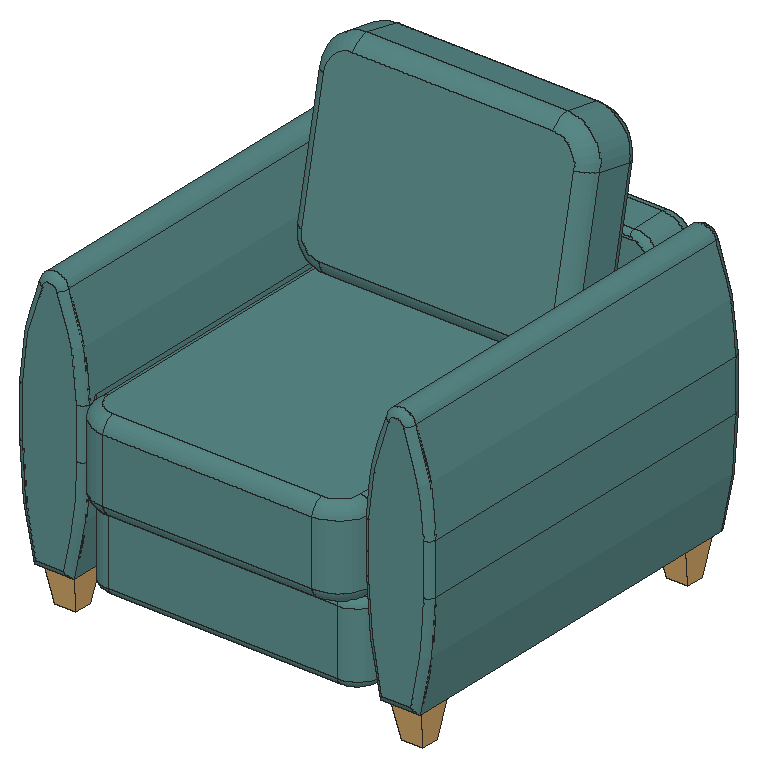
Revit family
Parameters (values of type "850x840x850mm")
  Manufacturer = ""
  Model = ""
  지지 재료 = 직물 - 녹색(44)
  다리 재료 = 목재 - 티크, 길이
  손잡이 재료 = 직물 - 녹색(44)
  쿠션 재료 = 직물 - 녹색(44)
Reference planes
  plane 1 "중심(앞/뒤)": y = 0
  plane 2: z = 0
  plane 3 "중심(왼쪽/오른쪽)": x = 0
  plane 4: y = 420
  plane 5: y = -420
  plane 6: x = -425
  plane 7: x = 425
  plane 8: z = 850
  plane 9: z = 430
  plane 10: z = 80
  plane 11: z = 245
  plane 12: x = -285
  plane 13: x = 285
  plane 14: y = 310
  plane 15: y = -380
  plane 16: y = 170
  plane 17: z = 630
Forms (mm)
  Extrusion 1, solid, material "직물 - 녹색(44)" <- "손잡이 재료"
    sketch origin (0, 0, 0) x (1, 0, 0) y (0, 0, 1)
      loop
        line (-395, 80) -> (-315, 80)
        arc (-315, 80) -> (-292.768, 191.841) -> (-285, 305.605) r 891.149
        line (-285, 305.605) -> (-285, 350.605) -> (-285, 410)
        arc (-285, 410) -> (-296.371, 510.749) -> (-326.054, 607.695) r 549.63
        arc (-326.054, 607.695) -> (-355, 630) -> (-383.946, 607.695) r 29.935
        arc (-383.946, 607.695) -> (-413.629, 510.749) -> (-425, 410) r 549.63
        line (-425, 410) -> (-425, 305.605)
        arc (-425, 305.605) -> (-417.232, 191.841) -> (-395, 80) r 891.149
    from -420 to 380
  Extrusion 2, solid, material "직물 - 녹색(44)" <- "손잡이 재료"
    sketch origin (0, 0, 0) x (-1, 0, 0) y (0, 0, -1)
      loop
        arc (-395, -80) -> (-417.232, -191.841) -> (-425, -305.605) r 891.149
        line (-425, -305.605) -> (-425, -410)
        arc (-425, -410) -> (-413.629, -510.749) -> (-383.946, -607.695) r 549.63
        arc (-383.946, -607.695) -> (-355, -630) -> (-326.054, -607.695) r 29.935
        arc (-326.054, -607.695) -> (-296.371, -510.749) -> (-285, -410) r 549.63
        line (-285, -410) -> (-285, -350.605) -> (-285, -305.605)
        arc (-285, -305.605) -> (-292.768, -191.841) -> (-315, -80) r 891.149
        line (-315, -80) -> (-395, -80)
    from -420 to 380
  Sweep 3, void
    path origin (0, 0, 0) x (1, 0, 0) y (0, 0, 1)
      loop
        line (-395, 80) -> (-315, 80)
        arc (-315, 80) -> (-292.768, 191.841) -> (-285, 305.605) r 891.149
        line (-285, 305.605) -> (-285, 410)
        arc (-285, 410) -> (-296.371, 510.749) -> (-326.054, 607.695) r 549.63
        arc (-326.054, 607.695) -> (-355, 630) -> (-383.946, 607.695) r 29.935
        arc (-383.946, 607.695) -> (-413.629, 510.749) -> (-425, 410) r 549.63
        line (-425, 410) -> (-425, 305.605)
        arc (-425, 305.605) -> (-417.232, 191.841) -> (-395, 80) r 891.149
    profile origin (-355, 0, 0) x (0, 0, 1) y (0, -1, 0)
      loop
        line (101.017, 381.005) -> (78.712, 381.005) -> (78.712, 358.7)
        arc (78.712, 358.7) -> (85.245, 374.472) -> (101.017, 381.005) r 22.305
  Sweep 4, void
    path origin (-2067.291, 420, 309.308) x (0, 0, 1) y (1, 0, 0)
      loop
        line (-229.308, 1752.291) -> (-229.308, 1672.291)
        arc (-229.308, 1672.291) -> (-117.467, 1650.06) -> (-3.703, 1642.291) r 891.149
        line (-3.703, 1642.291) -> (100.692, 1642.291)
        arc (100.692, 1642.291) -> (201.441, 1653.662) -> (298.387, 1683.345) r 549.63
        arc (298.387, 1683.345) -> (320.692, 1712.291) -> (298.387, 1741.238) r 29.935
        arc (298.387, 1741.238) -> (201.441, 1770.921) -> (100.692, 1782.291) r 549.63
        line (100.692, 1782.291) -> (41.297, 1782.291) -> (-3.703, 1782.291)
        arc (-3.703, 1782.291) -> (-117.467, 1774.523) -> (-229.308, 1752.291) r 891.149
    profile origin (-355, 0, 0) x (0, 0, 1) y (0, 1, 0)
      loop
        arc (78.949, 395.732) -> (86.271, 413.409) -> (103.949, 420.732) r 25
        line (103.949, 420.732) -> (78.949, 420.732) -> (78.949, 395.732)
  Sweep 5, void
    path in 3D
      loop
        arc (315, 420, 80) -> (292.768, 420, 191.841) -> (285, 420, 305.605) r 891.149
        line (285, 420, 305.605) -> (285, 420, 350.605) -> (285, 420, 410)
        arc (285, 420, 410) -> (296.371, 420, 510.749) -> (326.054, 420, 607.695) r 549.63
        arc (326.054, 420, 607.695) -> (355, 420, 630) -> (383.946, 420, 607.695) r 29.935
        arc (383.946, 420, 607.695) -> (413.629, 420, 510.749) -> (425, 420, 410) r 549.63
        line (425, 420, 410) -> (425, 420, 305.605)
        arc (425, 420, 305.605) -> (417.232, 420, 191.841) -> (395, 420, 80) r 891.149
        line (395, 420, 80) -> (315, 420, 80)
    profile origin (355, 0, 0) x (0, 1, 0) y (0, 0, -1)
      loop
        line (420.691, -102.527) -> (420.691, -79.309) -> (399.959, -79.309)
        arc (399.959, -79.309) -> (414.379, -87.298) -> (420.691, -102.527) r 25
  Sweep 6, void
    path origin (405, -380, 80) x (1, 0, 0) y (0, 0, 1)
      loop
        line (-90, 0) -> (-10, 0)
        arc (-10, 0) -> (12.232, 111.841) -> (20, 225.605) r 891.149
        line (20, 225.605) -> (20, 330)
        arc (20, 330) -> (8.629, 430.749) -> (-21.054, 527.695) r 549.63
        arc (-21.054, 527.695) -> (-50, 550) -> (-78.946, 527.695) r 29.935
        arc (-78.946, 527.695) -> (-108.629, 430.749) -> (-120, 330) r 549.63
        line (-120, 330) -> (-120, 270.605) -> (-120, 225.605)
        arc (-120, 225.605) -> (-112.232, 111.841) -> (-90, 0) r 891.149
    profile origin (355, 0, 0) x (0, 0, 1) y (0, -1, 0)
      loop
        line (97.719, 380.76) -> (79.171, 380.76) -> (79.171, 363.199)
        arc (79.171, 363.199) -> (85.682, 374.898) -> (97.719, 380.76) r 22.305
  Extrusion 7, solid, material "직물 - 녹색(44)" <- "지지 재료"
    sketch origin (0, 0, 0) x (1, 0, 0) y (0, 0, 1)
      loop
        line (-278.311, 80) -> (281.182, 80)
        arc (281.182, 80) -> (316.538, 94.645) -> (331.182, 130) r 50
        line (331.182, 130) -> (331.182, 580)
        arc (331.182, 580) -> (316.538, 615.355) -> (281.182, 630) r 50
        line (281.182, 630) -> (-278.311, 630)
        arc (-278.311, 630) -> (-313.666, 615.355) -> (-328.311, 580) r 50
        line (-328.311, 580) -> (-328.311, 130)
        arc (-328.311, 130) -> (-313.666, 94.645) -> (-278.311, 80) r 50
    from -420 to -310
  Sweep 8, void
    path origin (0, 0, 0) x (1, 0, 0) y (0, 0, 1)
      loop
        line (281.182, 630) -> (-278.311, 630)
        arc (-278.311, 630) -> (-313.666, 615.355) -> (-328.311, 580) r 50
        line (-328.311, 580) -> (-328.311, 130)
        arc (-328.311, 130) -> (-313.666, 94.645) -> (-278.311, 80) r 50
        line (-278.311, 80) -> (281.182, 80)
        arc (281.182, 80) -> (316.538, 94.645) -> (331.182, 130) r 50
        line (331.182, 130) -> (331.182, 580)
        arc (331.182, 580) -> (316.538, 615.355) -> (281.182, 630) r 50
    profile origin (1.436, 0, 0) x (0, 0, -1) y (0, -1, 0)
      loop
        line (-611.598, -309.046) -> (-630.715, -309.046) -> (-630.715, -328.163)
        arc (-630.715, -328.163) -> (-625.116, -314.646) -> (-611.598, -309.046) r 19.117
  Sweep 9, void
    path origin (0, 0, 0) x (1, 0, 0) y (0, 0, 1)
      loop
        line (281.182, 630) -> (-278.311, 630)
        arc (-278.311, 630) -> (-313.666, 615.355) -> (-328.311, 580) r 50
        line (-328.311, 580) -> (-328.311, 130)
        arc (-328.311, 130) -> (-313.666, 94.645) -> (-278.311, 80) r 50
        line (-278.311, 80) -> (281.182, 80)
        arc (281.182, 80) -> (316.538, 94.645) -> (331.182, 130) r 50
        line (331.182, 130) -> (331.182, 580)
        arc (331.182, 580) -> (316.538, 615.355) -> (281.182, 630) r 50
    profile origin (1.436, 0, 0) x (0, 0, -1) y (0, -1, 0)
      loop
        line (-630, -395.52) -> (-630.575, -394.423) -> (-630.575, -421.097) -> (-604.423, -421.097)
        arc (-604.423, -421.097) -> (-622.509, -413.606) -> (-630, -395.52) r 25.577
  Extrusion 10, solid, material "직물 - 녹색(44)" <- "지지 재료"
    sketch origin (0, 0, 0) x (1, 0, 0) y (0, 1, 0)
      loop
        line (-235, -380) -> (235, -380)
        arc (235, -380) -> (270.355, -365.355) -> (285, -330) r 50
        line (285, -330) -> (285, 260)
        arc (285, 260) -> (270.355, 295.355) -> (235, 310) r 50
        line (235, 310) -> (-235, 310)
        arc (-235, 310) -> (-270.355, 295.355) -> (-285, 260) r 50
        line (-285, 260) -> (-285, -330)
        arc (-285, -330) -> (-270.355, -365.355) -> (-235, -380) r 50
    from 80 to 245
  Sweep 11, void
    path origin (0, 0, 0) x (1, 0, 0) y (0, 1, 0)
      loop
        line (-235, -380) -> (235, -380)
        arc (235, -380) -> (270.355, -365.355) -> (285, -330) r 50
        line (285, -330) -> (285, 260)
        arc (285, 260) -> (270.355, 295.355) -> (235, 310) r 50
        line (235, 310) -> (-235, 310)
        arc (-235, 310) -> (-270.355, 295.355) -> (-285, 260) r 50
        line (-285, 260) -> (-285, -330)
        arc (-285, -330) -> (-270.355, -365.355) -> (-235, -380) r 50
    profile origin (0, 0, 0) x (0, 1, 0) y (0, 0, 1)
      loop
        arc (-380.523, 225.016) -> (-374.534, 239.474) -> (-360.076, 245.462) r 20.447
        line (-360.076, 245.462) -> (-380.523, 245.462) -> (-380.523, 225.016)
      loop
        line (-380.523, 99.984) -> (-380.523, 79.538) -> (-360.076, 79.538)
        arc (-360.076, 79.538) -> (-374.534, 85.526) -> (-380.523, 99.984) r 20.447
  Extrusion 12, solid, material "직물 - 녹색(44)" <- "쿠션 재료"
    sketch origin (-120, 0, 0) x (1, 0, 0) y (0, 1, 0)
      loop
        line (-94.41, -420) -> (333.823, -420)
        arc (333.823, -420) -> (383.321, -399.497) -> (403.823, -350) r 70
        line (403.823, -350) -> (403.823, 240)
        arc (403.823, 240) -> (383.321, 289.497) -> (333.823, 310) r 70
        line (333.823, 310) -> (-94.41, 310)
        arc (-94.41, 310) -> (-143.908, 289.497) -> (-164.41, 240) r 70
        line (-164.41, 240) -> (-164.41, -350)
        arc (-164.41, -350) -> (-143.908, -399.497) -> (-94.41, -420) r 70
    from 245 to 430
  Sweep 13, void
    path origin (-1020, 0, 0) x (1, 0, 0) y (0, 1, 0)
      loop
        line (805.59, -420) -> (1233.823, -420)
        arc (1233.823, -420) -> (1283.321, -399.497) -> (1303.823, -350) r 70
        line (1303.823, -350) -> (1303.823, 240)
        arc (1303.823, 240) -> (1283.321, 289.497) -> (1233.823, 310) r 70
        line (1233.823, 310) -> (805.59, 310)
        arc (805.59, 310) -> (756.092, 289.497) -> (735.59, 240) r 70
        line (735.59, 240) -> (735.59, -350)
        arc (735.59, -350) -> (756.092, -399.497) -> (805.59, -420) r 70
    profile origin (-0.294, 0, 0) x (0, 1, 0) y (0, 0, 1)
      loop
        line (-385.898, 431.088) -> (-420.898, 431.088) -> (-420.898, 396.088)
        arc (-420.898, 396.088) -> (-410.647, 420.836) -> (-385.898, 431.088) r 35
      loop
        arc (-385.898, 243.912) -> (-410.647, 254.164) -> (-420.898, 278.912) r 35
        line (-420.898, 278.912) -> (-420.898, 243.912) -> (-385.898, 243.912)
  Extrusion 14, solid, material "직물 - 녹색(44)" <- "쿠션 재료"
    sketch origin (0, -127.819, 63.884) x (1, 0, 0) y (0, 0.207912, 0.978148)
      loop
        arc (-205, 850) -> (-261.569, 826.569) -> (-285, 770) r 80
        line (-285, 770) -> (-285, 500)
        arc (-285, 500) -> (-264.497, 450.503) -> (-215, 430) r 70
        line (-215, 430) -> (215, 430)
        arc (215, 430) -> (264.497, 450.503) -> (285, 500) r 70
        line (285, 500) -> (285, 770)
        arc (285, 770) -> (261.569, 826.569) -> (205, 850) r 80
        line (205, 850) -> (-205, 850)
    from -310 to -170
  Sweep 15, void
    path origin (0, -127.819, 63.884) x (1, 0, 0) y (0, 0.207912, 0.978148)
      loop
        line (205, 850) -> (-205, 850)
        arc (-205, 850) -> (-261.569, 826.569) -> (-285, 770) r 80
        line (-285, 770) -> (-285, 500)
        arc (-285, 500) -> (-264.497, 450.503) -> (-215, 430) r 70
        line (-215, 430) -> (215, 430)
        arc (215, 430) -> (264.497, 450.503) -> (285, 500) r 70
        line (285, 500) -> (285, 770)
        arc (285, 770) -> (261.569, 826.569) -> (205, 850) r 80
    profile origin (0, 0, 0) x (0, -0.207912, -0.978148) y (0, -0.978148, 0.207912)
      loop
        arc (-888.344, -78.045) -> (-873.7, -42.69) -> (-838.344, -28.045) r 50
        line (-838.344, -28.045) -> (-888.344, -28.045) -> (-888.344, -78.045)
      loop
        line (-888.344, -125.338) -> (-888.344, -175.338) -> (-838.344, -175.338)
        arc (-838.344, -175.338) -> (-873.7, -160.694) -> (-888.344, -125.338) r 50
  Blend 16, solid, material "목재 - 티크, 길이" <- "다리 재료"
    base sketch origin (0, 0, 0) x (1, 0, 0) y (0, 1, 0)
      loop
        line (-377.176, -304.387) -> (-377.176, -338.709) -> (-333.916, -338.709) -> (-333.916, -304.387) -> (-377.176, -304.387)
    top sketch origin (0, 0, 0) x (1, 0, 0) y (0, 1, 0)
      loop
        line (-386.92, -287.21) -> (-386.92, -355.412) -> (-322.425, -355.412) -> (-322.425, -287.21) -> (-386.92, -287.21)
    from 0 to 80
  Blend 17, solid, material "목재 - 티크, 길이" <- "다리 재료"
    base sketch origin (0, 35, 0) x (1, 0, 0) y (0, 1, 0)
      loop
        line (-377.176, 304.387) -> (-333.916, 304.387) -> (-333.916, 338.709) -> (-377.176, 338.709) -> (-377.176, 304.387)
    top sketch origin (0, 35, 0) x (1, 0, 0) y (0, 1, 0)
      loop
        line (-386.92, 287.21) -> (-322.425, 287.21) -> (-322.425, 355.412) -> (-386.92, 355.412) -> (-386.92, 287.21)
    from 0 to 80
  Blend 18, solid, material "목재 - 티크, 길이" <- "다리 재료"
    base sketch origin (0, 0, 0) x (-1, 0, 0) y (0, -1, 0)
      loop
        line (-377.176, 304.387) -> (-333.916, 304.387) -> (-333.916, 338.709) -> (-377.176, 338.709) -> (-377.176, 304.387)
    top sketch origin (0, 0, 0) x (-1, 0, 0) y (0, -1, 0)
      loop
        line (-386.92, 287.21) -> (-322.425, 287.21) -> (-322.425, 355.412) -> (-386.92, 355.412) -> (-386.92, 287.21)
    from 0 to 80
  Blend 19, solid, material "목재 - 티크, 길이" <- "다리 재료"
    base sketch origin (0, 35, 0) x (-1, 0, 0) y (0, -1, 0)
      loop
        line (-377.176, -304.387) -> (-377.176, -338.709) -> (-333.916, -338.709) -> (-333.916, -304.387) -> (-377.176, -304.387)
    top sketch origin (0, 35, 0) x (-1, 0, 0) y (0, -1, 0)
      loop
        line (-386.92, -287.21) -> (-386.92, -355.412) -> (-322.425, -355.412) -> (-322.425, -287.21) -> (-386.92, -287.21)
    from 0 to 80
Cuts and joins
  Sweep 3, Sweep 4, Sweep 5, Sweep 6, Sweep 8, Sweep 9, Sweep 11, Sweep 13, Sweep 15 cuts Extrusion 1
  Sweep 3, Sweep 4, Sweep 5, Sweep 6, Sweep 8, Sweep 9, Sweep 11, Sweep 13, Sweep 15 cuts Extrusion 2
  Sweep 8, Sweep 9, Sweep 11, Sweep 13, Sweep 15 cuts Extrusion 7
  Sweep 11, Sweep 13, Sweep 15 cuts Extrusion 10
  Sweep 13, Sweep 15 cuts Extrusion 12
  Sweep 15 cuts Extrusion 14
Lines and regions (mm)
  Masking region 1
    outline origin (0, 0, 0) x (1, 0, 0) y (0, 1, 0)
      loop
        arc (-407.054, 420) -> (-418.295, 413.832) -> (-425, 402.904) r 25
        line (-425, 402.904) -> (-425, -366.169)
        arc (-425, -366.169) -> (-419.436, -374.785) -> (-410.604, -380) r 22.305
        line (-410.604, -380) -> (-299.396, -380)
        arc (-299.396, -380) -> (-288.358, -372.325) -> (-283.735, -359.701) r 22.305
        arc (-283.735, -359.701) -> (-260.35, -402.816) -> (-214.41, -420) r 70
        line (-214.41, -420) -> (213.823, -420)
        arc (213.823, -420) -> (259.763, -402.816) -> (283.148, -359.701) r 70
        arc (283.148, -359.701) -> (287.77, -372.325) -> (298.809, -380) r 22.305
        line (298.809, -380) -> (410.604, -380)
        arc (410.604, -380) -> (419.436, -374.785) -> (425, -366.169) r 22.305
        line (425, -366.169) -> (425, 402.904)
        arc (425, 402.904) -> (418.295, 413.832) -> (407.054, 420) r 25
        line (407.054, 420) -> (302.946, 420) -> (-302.946, 420) -> (-407.054, 420)
  sketch lines
    curve 1: line (395, 420, 80) -> (315, 420, 80)
    curve 2: arc (395, 420, 80) -> (417.232, 420, 191.841) -> (425, 420, 305.605) r 891.149
    curve 3: line (425, 420, 410) -> (425, 420, 305.605)
    curve 4: arc (425, 420, 410) -> (413.629, 420, 510.749) -> (383.946, 420, 607.695) r 549.63
    curve 5: arc (383.946, 420, 607.695) -> (355, 420, 630) -> (326.054, 420, 607.695) r 29.935
    curve 6: arc (326.054, 420, 607.695) -> (296.371, 420, 510.749) -> (285, 420, 410) r 549.63
    curve 7: line (285, 420, 305.605) -> (285, 420, 350.605)
    curve 8: line (285, 420, 350.605) -> (285, 420, 410)
    curve 9: arc (285, 420, 305.605) -> (292.768, 420, 191.841) -> (315, 420, 80) r 891.149
  symbolic lines
    curve 10: arc (-407.054, 420, 0) -> (-418.295, 413.832, 0) -> (-425, 402.904, 0) r 25
    curve 11: line (-302.946, 420, 0) -> (-407.054, 420, 0)
    curve 12: arc (-302.946, 420, 0) -> (-291.705, 413.832, 0) -> (-285, 402.904, 0) r 25
    curve 13: line (-285, -366.169, 0) -> (-285, 402.904, 0)
    curve 14: line (-425, 402.904, 0) -> (-425, -366.169, 0)
    curve 15: arc (-425, -366.169, 0) -> (-419.436, -374.785, 0) -> (-410.604, -380, 0) r 22.305
    curve 16: line (-410.604, -380, 0) -> (-299.396, -380, 0)
    curve 17: arc (-299.396, -380, 0) -> (-288.358, -372.325, 0) -> (-283.735, -359.701, 0) r 22.305
    curve 18: arc (-283.735, -359.701, 0) -> (-260.35, -402.816, 0) -> (-214.41, -420, 0) r 70
    curve 19: line (-214.41, -420, 0) -> (213.823, -420, 0)
    curve 20: arc (213.823, -420, 0) -> (259.763, -402.816, 0) -> (283.148, -359.701, 0) r 70
    curve 21: arc (283.148, -359.701, 0) -> (287.77, -372.325, 0) -> (298.809, -380, 0) r 22.305
    curve 22: line (298.809, -380, 0) -> (410.604, -380, 0)
    curve 23: arc (410.604, -380, 0) -> (419.436, -374.785, 0) -> (425, -366.169, 0) r 22.305
    curve 24: line (425, -366.169, 0) -> (425, 402.904, 0)
    curve 25: arc (425, 402.904, 0) -> (418.295, 413.832, 0) -> (407.054, 420, 0) r 25
    curve 26: line (407.054, 420, 0) -> (302.946, 420, 0)
    curve 27: arc (302.946, 420, 0) -> (291.705, 413.832, 0) -> (285, 402.904, 0) r 25
    curve 28: line (285, 402.904, 0) -> (285, -366.169, 0)
    curve 29: line (302.946, 420, 0) -> (-302.946, 420, 0)
    curve 30: arc (-214.41, 310, 0) -> (-263.908, 289.497, 0) -> (-284.41, 240, 0) r 70
    curve 31: arc (283.823, 240, 0) -> (263.321, 289.497, 0) -> (213.823, 310, 0) r 70
    curve 32: line (-214.41, 310, 0) -> (213.823, 310, 0)
Dimensions and locks
  plane 8 to level = 850 mm
  plane 9 to level = 430 mm
  plane 4 to plane 15 = 800 mm
  aligned and locked: Sweep 4 sketch curve to cut or joined group of Extrusion 1, Sweep 3, Sweep 4, Sweep 5, Sweep 6, Sweep 8, Sweep 9, Sweep 11, Sweep 13, Sweep 15  (x9)
  aligned and locked: Sweep 6 sketch curve to cut or joined group of Extrusion 2, Sweep 3, Sweep 4, Sweep 5, Sweep 6, Sweep 8, Sweep 9, Sweep 11, Sweep 13, Sweep 15  (x9)
  aligned and locked: Sweep 8 sketch curve to cut or joined group of Extrusion 7, Sweep 8, Sweep 9, Sweep 11, Sweep 13, Sweep 15  (x8)
  aligned and locked: Sweep 9 sketch curve to cut or joined group of Extrusion 7, Sweep 8, Sweep 9, Sweep 11, Sweep 13, Sweep 15  (x8)
  aligned and locked: Sweep 11 sketch curve to cut or joined group of Extrusion 10, Sweep 11, Sweep 13, Sweep 15  (x8)
  aligned and locked: Sweep 13 sketch curve to cut or joined group of Extrusion 12, Sweep 13, Sweep 15  (x8)
  aligned and locked: Sweep 15 sketch curve to cut or joined group of Extrusion 14, Sweep 15  (x8)
